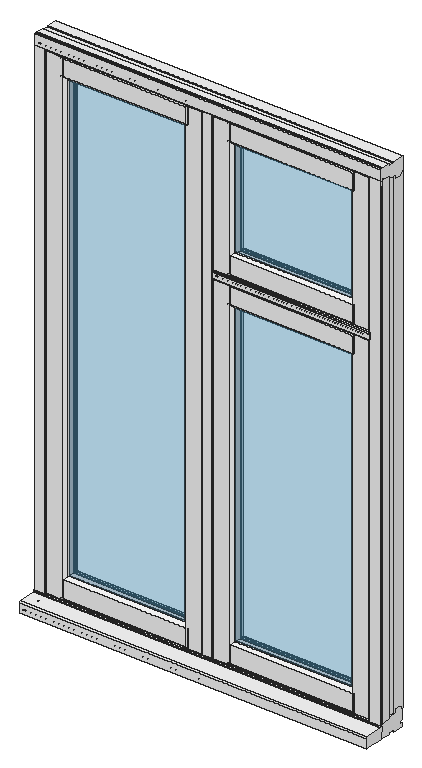
Revit family "C21R", category Generic Models, Revit 2012
Parameters (values of type "Window Sill drawing")
  Width = 1200 mm
  Height = 1770 mm
  GlazingPanelMaterial = Glass
  Floor Material = White
Types (3, lengths in mm): name | Width | Height | GlazingPanelMaterial | Floor Material
  Window Sill drawing | 1200 | 1770 | Glass | White
  Access Manager | 1250 | 1250 | none | none
  window family | 1200 | 1770 | Glass | 1.12A ANCHOR FIXING
Reference planes
  plane 1 "Center (Front/Back)": y = 0
  plane 2: z = 0
  plane 3 "Center (Left/Right)": x = 0
  plane 4: x = -750
  plane 5: y = 67
  plane 6: y = -67
  plane 7: z = 1770
  plane 8: y = 16.985
  plane 9: x = 414
  plane 10: x = 450
  plane 11: x = 418
  plane 12: x = -750
  plane 13: x = -150
  plane 14: x = -714
  plane 15: x = -702
Forms (mm)
  Extrusion 1, solid, not visible
    sketch origin (0, 0, 9.375) x (0, 1, 0) y (0, 0, 1)
      loop
        line (94.662, 311.911) -> (94.314, 312.868) -> (95.314, 312.868) -> (93.454, 317.977) -> (86.115, 317.977) -> (85.011, 317.575) -> (64.143, 317.575) -> (64.143, 311.911) -> (94.662, 311.911)
    from 0 to 250
  Extrusion 2, solid, not visible
    sketch origin (0, 0, 9.375) x (0, 1, 0) y (0, 0, 1)
      loop
        line (93.688, 317.334) -> (85.92, 317.334) -> (87.101, 312.926) -> (95.293, 312.926) -> (93.688, 317.334)
      loop
        line (91.853, 322.376) -> (91.853, 328.194)
        arc (91.853, 328.194) -> (91.424, 329.231) -> (90.388, 329.66) r 1.465
        line (90.388, 329.66) -> (71.853, 329.66) -> (71.853, 322.376) -> (91.853, 322.376)
      loop
        line (73.373, 320.598) -> (64.143, 320.598) -> (64.143, 317.575) -> (73.373, 317.575) -> (73.373, 320.598)
      loop
        line (61.169, 311.884) -> (61.169, 316.884) -> (56.169, 316.884)
        arc (56.169, 316.884) -> (53.926, 317.813) -> (52.996, 320.057) r 3.173
        line (52.996, 320.057) -> (52.996, 327.594)
        arc (52.996, 327.594) -> (53.247, 329.284) -> (54.656, 330.25) r 2.138
        line (54.656, 330.25) -> (56.493, 330.25)
        arc (56.493, 330.25) -> (57.939, 329.727) -> (58.925, 328.548) r 2.95
        line (58.925, 328.548) -> (59.306, 324.922) -> (61.24, 324.922) -> (60.612, 330.901)
        arc (60.612, 330.901) -> (59.723, 332.646) -> (57.894, 333.348) r 2.733
        line (57.894, 333.348) -> (52.423, 333.348)
        arc (52.423, 333.348) -> (50.164, 330.795) -> (49.999, 327.391) r 5.139
        line (49.999, 327.391) -> (47.957, 316.884)
        arc (47.957, 316.884) -> (49.179, 314.507) -> (49.698, 311.884) r 9.583
        line (49.698, 311.884) -> (61.169, 311.884)
    from 0 to 250
  Extrusion 3, solid, not visible
    sketch origin (-848.022, -244.537, 0) x (1, 0, 0) y (0, 1, 0)
      loop
        line (-156.504, 643.402) -> (-146.504, 653.402) -> (-146.504, 655.402) -> (-162.504, 655.402) -> (-162.504, 703.402) -> (-199.504, 703.402)
        arc (-199.504, 703.402) -> (-201.625, 702.524) -> (-202.504, 700.402) r 3
        line (-202.504, 700.402) -> (-202.504, 695.402) -> (-196.504, 695.402) -> (-196.504, 692.402) -> (-202.504, 692.402) -> (-202.504, 679.402) -> (-196.504, 679.402) -> (-196.504, 667.402) -> (-202.504, 667.402) -> (-202.504, 646.402)
        arc (-202.504, 646.402) -> (-201.625, 644.281) -> (-199.504, 643.402) r 3
        line (-199.504, 643.402) -> (-156.504, 643.402)
    from 672 to 1294
  Extrusion 4, solid, not visible
    sketch origin (-848.022, -244.537, 0) x (1, 0, 0) y (0, 1, 0)
      loop
        line (-162.504, 700.402) -> (-162.504, 681.402) -> (-150.504, 681.402) -> (-150.504, 684.402) -> (-146.504, 685.402) -> (-146.504, 689.402) -> (-149.504, 689.402)
        arc (-149.504, 689.402) -> (-151.847, 695.059) -> (-157.504, 697.402) r 8
        line (-157.504, 697.402) -> (-157.504, 700.402) -> (-162.504, 700.402)
    from 672 to 1294
  Extrusion 5, solid, not visible
    sketch origin (-511.418, -643.152, -230) x (1, 0, 0) y (0, 1, 0)
      loop
        line (-200.504, 641.902) -> (-200.504, 638.902) -> (-198.254, 638.902) -> (-198.254, 634.902) -> (-195.818, 634.902) -> (-195.818, 638.902) -> (-193.504, 638.902) -> (-193.504, 641.902) -> (-195.282, 641.902) -> (-195.282, 641.116) -> (-194.482, 641.116) -> (-194.482, 639.814) -> (-199.81, 639.814) -> (-199.81, 641.116) -> (-199.01, 641.116) -> (-199.01, 641.902) -> (-200.504, 641.902)
    from 230 to 852
  Extrusion 6, solid, not visible
    sketch origin (-511.418, -643.152, -140) x (1, 0, 0) y (0, 1, 0)
      loop
        line (-194.482, 639.814) -> (-194.482, 641.116) -> (-199.81, 641.116) -> (-199.81, 639.814) -> (-194.482, 639.814)
    from 140 to 762
  Extrusion 7, solid, not visible
    sketch origin (-511.418, -643.152, 0) x (1, 0, 0) y (0, 1, 0)
      loop
        spline (-199.847, 645.779) -> (-199.478, 645.505) -> (-199.241, 645.183) -> (-199.108, 644.823) -> (-199.048, 644.431) -> (-199.033, 644.016) -> (-199.035, 643.585) -> (-199.023, 643.147) -> (-198.97, 642.709) -> (-198.847, 642.279) -> (-198.624, 641.865) -> (-198.272, 641.475) -> (-197.764, 641.116)
        line (-197.764, 641.116) -> (-196.529, 641.116)
        spline (-196.529, 641.116) -> (-195.991, 641.457) -> (-195.612, 641.839) -> (-195.363, 642.251) -> (-195.215, 642.684) -> (-195.139, 643.129) -> (-195.106, 643.577) -> (-195.086, 644.017) -> (-195.05, 644.441) -> (-194.969, 644.838) -> (-194.814, 645.2) -> (-194.556, 645.517) -> (-194.166, 645.779)
        line (-194.166, 645.779) -> (-199.847, 645.779)
    from 0 to 622
  Extrusion 8, solid, material "White" <- "Floor Material"
    sketch origin (-300, -3440.583, -3.128) x (0, 1, 0) y (0, 0, -1)
      loop
        arc (3451.083, -1725.128) -> (3453.205, -1724.249) -> (3454.083, -1722.128) r 3
        line (3454.083, -1722.128) -> (3454.083, -1681.128) -> (3406.083, -1681.128) -> (3406.083, -1665.128) -> (3404.083, -1665.128) -> (3394.083, -1675.128) -> (3394.083, -1730.128)
        arc (3394.083, -1730.128) -> (3394.962, -1732.249) -> (3397.083, -1733.128) r 3
        line (3397.083, -1733.128) -> (3399.083, -1733.128)
        arc (3399.083, -1733.128) -> (3401.205, -1732.249) -> (3402.083, -1730.128) r 3
        line (3402.083, -1730.128) -> (3402.083, -1725.128) -> (3413.083, -1725.128)
        arc (3413.083, -1725.128) -> (3414.498, -1724.542) -> (3415.083, -1723.128) r 2
        line (3415.083, -1723.128) -> (3433.083, -1723.128)
        arc (3433.083, -1723.128) -> (3433.669, -1724.542) -> (3435.083, -1725.128) r 2
        line (3435.083, -1725.128) -> (3451.083, -1725.128)
    from -657.987 to -219.773
  Sweep 9, solid, material "White" <- "Floor Material"
    path origin (-316.12, -8, -4.107) x (-1, 0, 0) y (0, 0, -1)
      loop
        line (-674, -1682) -> (-236, -1682) -> (-236, -1312.227) -> (-674, -1312.227) -> (-674, -1682)
    profile origin (138.88, -8, 1677.893) x (0, 0, -1) y (0, -1, 0)
      loop
        line (4.893, -19) -> (4.893, -16)
        arc (4.893, -16) -> (10.55, -13.657) -> (12.893, -8) r 8
        line (12.893, -8) -> (15.893, -8) -> (15.893, -4) -> (11.893, -3) -> (11.893, 0) -> (-0.107, 0) -> (-0.107, -19) -> (4.893, -19)
  Extrusion 10, solid, material "Glass"
    sketch origin (-2688.494, -1584.07, 0) x (-1, 0, 0) y (0, -1, 0)
      loop
        line (-3042.481, -1575.085) -> (-2620.267, -1575.085) -> (-2620.267, -1571.085) -> (-3042.481, -1571.085) -> (-3042.481, -1575.085)
      loop
        line (-3042.481, -1555.085) -> (-2620.267, -1555.085) -> (-2620.267, -1551.085) -> (-3042.481, -1551.085) -> (-3042.481, -1555.085)
    from 1316.369 to 1672
  Sweep 11, solid
    path origin (-316.013, -20.977, -4) x (-1, 0, 0) y (0, 0, -1)
      loop
        line (-670, -1678) -> (-239.786, -1678) -> (-239.786, -1316.013) -> (-670, -1316.013) -> (-670, -1678)
    profile origin (138.88, -20.977, 1674) x (0, 0, -1) y (0, -1, 0)
      loop
        line (0, -8) -> (10, -8) -> (10, 8) -> (0, 8) -> (0, -8)
  Extrusion 12, solid, material "White" <- "Floor Material"
    sketch origin (-300, -3500.599, -3.128) x (0, 1, 0) y (0, 0, -1)
      loop
        line (3457.583, -41.128) -> (3457.583, -26.128) -> (3452.583, -26.128) -> (3452.583, -3.128) -> (3403.583, -3.128) -> (3403.583, -5.128)
        arc (3403.583, -5.128) -> (3400.583, -8.128) -> (3397.583, -5.128) r 3
        line (3397.583, -5.128) -> (3397.583, -3.128) -> (3392.583, -3.128) -> (3392.583, -34.128)
        arc (3392.583, -34.128) -> (3393.335, -36.114) -> (3395.213, -37.105) r 3
        line (3395.213, -37.105) -> (3452.583, -41.128) -> (3457.583, -41.128)
    from -750 to 450
  Extrusion 13, solid, material "White" <- "Floor Material"
    sketch origin (-300, -3500.599, -3.128) x (0, 1, 0) y (0, 0, -1)
      loop
        line (3546.583, -58.128) -> (3546.583, -23.128) -> (3536.583, -23.128) -> (3536.583, -13.128) -> (3546.583, -13.128) -> (3546.583, -3.128) -> (3509.583, -3.128) -> (3509.583, -8.128) -> (3489.583, -8.128) -> (3489.583, -3.128) -> (3463.583, -3.128) -> (3463.583, -5.128)
        arc (3463.583, -5.128) -> (3460.583, -8.128) -> (3457.583, -5.128) r 3
        line (3457.583, -5.128) -> (3457.583, -3.128) -> (3452.583, -3.128) -> (3452.583, -26.128) -> (3457.583, -26.128) -> (3457.583, -41.128) -> (3452.583, -41.128) -> (3452.583, -44.128)
        arc (3452.583, -44.128) -> (3453.169, -45.542) -> (3454.583, -46.128) r 2
        line (3454.583, -46.128) -> (3494.583, -51.128) -> (3494.583, -56.128) -> (3517.583, -59.128) -> (3517.583, -60.128) -> (3523.583, -60.128) -> (3523.583, -63.128) -> (3517.583, -63.128) -> (3517.583, -71.128) -> (3533.583, -71.128) -> (3533.583, -68.128)
        arc (3533.583, -68.128) -> (3540.655, -65.199) -> (3543.583, -58.128) r 10
        line (3543.583, -58.128) -> (3546.583, -58.128)
    from -750 to 450
  Sweep 14, solid, material "White" <- "Floor Material"
    path origin (-300, 0, 0) x (-1, 0, 0) y (0, 0, -1)
      loop
        line (-750, -1770) -> (450, -1770)
    profile origin (-150, 0, 1770) x (0, 0, -1) y (0, -1, 0)
      loop
        line (0, -10) -> (0, -47) -> (43, -47) -> (43, -44)
        arc (43, -44) -> (50.071, -41.071) -> (53, -34) r 10
        line (53, -34) -> (56, -34) -> (56, -18) -> (36, -18) -> (36, -14) -> (44, -14) -> (44, -4) -> (36, -4) -> (36, -1) -> (44, -1) -> (44, 7) -> (36, 7) -> (36, 31.727)
        arc (36, 31.727) -> (34.922, 33.441) -> (33, 34.079) r 3
        line (33, 34.079) -> (33, 41)
        arc (33, 41) -> (34.834, 41.499) -> (36, 43) r 3
        line (36, 43) -> (36, 47) -> (0, 47) -> (0, 42) -> (2, 42)
        arc (2, 42) -> (5, 39) -> (2, 36) r 3
        line (2, 36) -> (0, 36) -> (0, 10) -> (5, 10) -> (5, -10) -> (0, -10)
  Extrusion 15, solid, material "White" <- "Floor Material"
    sketch origin (-1053.141, -3440.699, 1654.007) x (0, 1, 0) y (-1, 0, 0)
      loop
        arc (3451.083, -1455.128) -> (3453.205, -1454.249) -> (3454.083, -1452.128) r 3
        line (3454.083, -1452.128) -> (3454.083, -1411.128) -> (3406.083, -1411.128) -> (3406.083, -1395.128) -> (3404.083, -1395.128) -> (3394.083, -1405.128) -> (3394.083, -1460.128)
        arc (3394.083, -1460.128) -> (3394.962, -1462.249) -> (3397.083, -1463.128) r 3
        line (3397.083, -1463.128) -> (3399.083, -1463.128)
        arc (3399.083, -1463.128) -> (3401.205, -1462.249) -> (3402.083, -1460.128) r 3
        line (3402.083, -1460.128) -> (3402.083, -1455.128) -> (3413.083, -1455.128)
        arc (3413.083, -1455.128) -> (3414.498, -1454.542) -> (3415.083, -1453.128) r 2
        line (3415.083, -1453.128) -> (3433.083, -1453.128)
        arc (3433.083, -1453.128) -> (3433.669, -1454.542) -> (3435.083, -1455.128) r 2
        line (3435.083, -1455.128) -> (3451.083, -1455.128)
    from -398.197 to 75.993
  Extrusion 16, solid, material "White" <- "Floor Material"
    sketch origin (1330.9, -3440.699, 1654.007) x (0, 1, 0) y (-1, 0, 0)
      loop
        line (3451.083, 1455.128) -> (3435.083, 1455.128)
        arc (3435.083, 1455.128) -> (3433.669, 1454.542) -> (3433.083, 1453.128) r 2
        line (3433.083, 1453.128) -> (3415.083, 1453.128)
        arc (3415.083, 1453.128) -> (3414.498, 1454.542) -> (3413.083, 1455.128) r 2
        line (3413.083, 1455.128) -> (3402.083, 1455.128) -> (3402.083, 1460.128)
        arc (3402.083, 1460.128) -> (3401.205, 1462.249) -> (3399.083, 1463.128) r 3
        line (3399.083, 1463.128) -> (3397.083, 1463.128)
        arc (3397.083, 1463.128) -> (3394.962, 1462.249) -> (3394.083, 1460.128) r 3
        line (3394.083, 1460.128) -> (3394.083, 1405.128) -> (3404.083, 1395.128) -> (3406.083, 1395.128) -> (3406.083, 1411.128) -> (3454.083, 1411.128) -> (3454.083, 1452.128)
        arc (3454.083, 1452.128) -> (3453.205, 1454.249) -> (3451.083, 1455.128) r 3
    from -398.197 to 75.993
  Extrusion 17, solid, material "White" <- "Floor Material"
    sketch origin (-300, -3440.583, 2722.931) x (0, 1, 0) y (0, 0, -1)
      loop
        line (3451.083, 1455.128) -> (3435.083, 1455.128)
        arc (3435.083, 1455.128) -> (3433.669, 1454.542) -> (3433.083, 1453.128) r 2
        line (3433.083, 1453.128) -> (3415.083, 1453.128)
        arc (3415.083, 1453.128) -> (3414.498, 1454.542) -> (3413.083, 1455.128) r 2
        line (3413.083, 1455.128) -> (3402.083, 1455.128) -> (3402.083, 1464.121)
        arc (3402.083, 1464.121) -> (3401.205, 1466.243) -> (3399.083, 1467.121) r 3
        line (3399.083, 1467.121) -> (3397.083, 1467.121)
        arc (3397.083, 1467.121) -> (3394.962, 1466.243) -> (3394.083, 1464.121) r 3
        line (3394.083, 1464.121) -> (3394.083, 1405.128) -> (3404.083, 1395.128) -> (3406.083, 1395.128) -> (3406.083, 1411.128) -> (3454.083, 1411.128) -> (3454.083, 1452.128)
        arc (3454.083, 1452.128) -> (3453.205, 1454.249) -> (3451.083, 1455.128) r 3
    from -657.987 to -219.773
  Extrusion 18, solid, material "White" <- "Floor Material"
    sketch origin (1285.9, -3440.699, 1654.007) x (0, 1, 0) y (-1, 0, 0)
      loop
        arc (3397.083, 1422.128) -> (3398.498, 1422.714) -> (3399.083, 1424.128) r 2
        line (3399.083, 1424.128) -> (3399.083, 1425.128) -> (3406.083, 1425.128) -> (3406.083, 1424.128)
        arc (3406.083, 1424.128) -> (3406.669, 1422.714) -> (3408.083, 1422.128) r 2
        line (3408.083, 1422.128) -> (3433.083, 1422.128) -> (3433.083, 1416.128) -> (3441.083, 1416.128) -> (3441.083, 1422.128) -> (3444.083, 1422.128) -> (3444.083, 1414.128) -> (3454.083, 1414.128) -> (3454.083, 1422.128) -> (3458.083, 1422.128) -> (3458.083, 1402.128) -> (3474.083, 1402.128) -> (3474.083, 1405.128)
        arc (3474.083, 1405.128) -> (3481.155, 1408.057) -> (3484.083, 1415.128) r 10
        line (3484.083, 1415.128) -> (3487.083, 1415.128) -> (3487.083, 1457.128) -> (3484.083, 1457.128)
        arc (3484.083, 1457.128) -> (3481.155, 1464.199) -> (3474.083, 1467.128) r 10
        line (3474.083, 1467.128) -> (3474.083, 1470.128) -> (3458.083, 1470.128) -> (3458.083, 1450.128) -> (3454.083, 1450.128) -> (3454.083, 1458.128) -> (3444.083, 1458.128) -> (3444.083, 1450.128) -> (3441.083, 1450.128) -> (3441.083, 1456.128) -> (3433.083, 1456.128) -> (3433.083, 1450.128) -> (3408.083, 1450.128)
        arc (3408.083, 1450.128) -> (3406.669, 1449.542) -> (3406.083, 1448.128) r 2
        line (3406.083, 1448.128) -> (3406.083, 1447.128) -> (3399.083, 1447.128) -> (3399.083, 1448.128)
        arc (3399.083, 1448.128) -> (3398.498, 1449.542) -> (3397.083, 1450.128) r 2
        line (3397.083, 1450.128) -> (3393.083, 1450.128) -> (3393.083, 1422.128) -> (3397.083, 1422.128)
    from -1606.007 to 79.993
  Extrusion 19, solid, material "White" <- "Floor Material"
    sketch origin (0, -3440.583, -3.128) x (0, 1, 0) y (0, 0, 1)
      loop
        line (3451.083, 1725.128) -> (3435.083, 1725.128)
        arc (3435.083, 1725.128) -> (3433.669, 1724.542) -> (3433.083, 1723.128) r 2
        line (3433.083, 1723.128) -> (3415.083, 1723.128)
        arc (3415.083, 1723.128) -> (3414.498, 1724.542) -> (3413.083, 1725.128) r 2
        line (3413.083, 1725.128) -> (3402.083, 1725.128) -> (3402.083, 1730.128)
        arc (3402.083, 1730.128) -> (3401.205, 1732.249) -> (3399.083, 1733.128) r 3
        line (3399.083, 1733.128) -> (3397.083, 1733.128)
        arc (3397.083, 1733.128) -> (3394.962, 1732.249) -> (3394.083, 1730.128) r 3
        line (3394.083, 1730.128) -> (3394.083, 1675.128) -> (3404.083, 1665.128) -> (3406.083, 1665.128) -> (3406.083, 1681.128) -> (3454.083, 1681.128) -> (3454.083, 1722.128)
        arc (3454.083, 1722.128) -> (3453.205, 1724.249) -> (3451.083, 1725.128) r 3
    from -657.987 to -219.773
  Sweep 20, solid, material "White" <- "Floor Material"
    path origin (16.12, -8, -4.107) x (1, 0, 0) y (0, 0, 1)
      loop
        line (-674, 1682) -> (-674, 108.158) -> (-236, 108.158) -> (-236, 1682) -> (-674, 1682)
    profile origin (-438.88, -8, 1677.893) x (0, 0, 1) y (0, -1, 0)
      loop
        line (-4.893, -19) -> (0.107, -19) -> (0.107, 0) -> (-11.893, 0) -> (-11.893, -3) -> (-15.893, -4) -> (-15.893, -8) -> (-12.893, -8)
        arc (-12.893, -8) -> (-10.55, -13.657) -> (-4.893, -16) r 8
        line (-4.893, -16) -> (-4.893, -19)
  Extrusion 21, solid, material "White" <- "Floor Material"
    sketch origin (753.141, -3440.699, 1654.007) x (0, 1, 0) y (-1, 0, 0)
      loop
        line (3451.083, 1455.128) -> (3435.083, 1455.128)
        arc (3435.083, 1455.128) -> (3433.669, 1454.542) -> (3433.083, 1453.128) r 2
        line (3433.083, 1453.128) -> (3415.083, 1453.128)
        arc (3415.083, 1453.128) -> (3414.498, 1454.542) -> (3413.083, 1455.128) r 2
        line (3413.083, 1455.128) -> (3402.083, 1455.128) -> (3402.083, 1460.128)
        arc (3402.083, 1460.128) -> (3401.205, 1462.249) -> (3399.083, 1463.128) r 3
        line (3399.083, 1463.128) -> (3397.083, 1463.128)
        arc (3397.083, 1463.128) -> (3394.962, 1462.249) -> (3394.083, 1460.128) r 3
        line (3394.083, 1460.128) -> (3394.083, 1405.128) -> (3404.083, 1395.128) -> (3406.083, 1395.128) -> (3406.083, 1411.128) -> (3454.083, 1411.128) -> (3454.083, 1452.128)
        arc (3454.083, 1452.128) -> (3453.205, 1454.249) -> (3451.083, 1455.128) r 3
    from -1606.007 to 75.993
  Extrusion 22, solid, material "White" <- "Floor Material"
    sketch origin (-1630.9, -3440.699, 1654.007) x (0, 1, 0) y (-1, 0, 0)
      loop
        arc (3451.083, -1455.128) -> (3453.205, -1454.249) -> (3454.083, -1452.128) r 3
        line (3454.083, -1452.128) -> (3454.083, -1411.128) -> (3406.083, -1411.128) -> (3406.083, -1395.128) -> (3404.083, -1395.128) -> (3394.083, -1405.128) -> (3394.083, -1460.128)
        arc (3394.083, -1460.128) -> (3394.962, -1462.249) -> (3397.083, -1463.128) r 3
        line (3397.083, -1463.128) -> (3399.083, -1463.128)
        arc (3399.083, -1463.128) -> (3401.205, -1462.249) -> (3402.083, -1460.128) r 3
        line (3402.083, -1460.128) -> (3402.083, -1455.128) -> (3413.083, -1455.128)
        arc (3413.083, -1455.128) -> (3414.498, -1454.542) -> (3415.083, -1453.128) r 2
        line (3415.083, -1453.128) -> (3433.083, -1453.128)
        arc (3433.083, -1453.128) -> (3433.669, -1454.542) -> (3435.083, -1455.128) r 2
        line (3435.083, -1455.128) -> (3451.083, -1455.128)
    from -1606.007 to 75.993
  Extrusion 23, solid, material "White" <- "Floor Material"
    sketch origin (0, -3440.583, 1515.078) x (0, 1, 0) y (0, 0, 1)
      loop
        arc (3451.083, -1455.128) -> (3453.205, -1454.249) -> (3454.083, -1452.128) r 3
        line (3454.083, -1452.128) -> (3454.083, -1411.128) -> (3406.083, -1411.128) -> (3406.083, -1395.128) -> (3404.083, -1395.128) -> (3394.083, -1405.128) -> (3394.083, -1464.078)
        arc (3394.083, -1464.078) -> (3394.962, -1466.2) -> (3397.083, -1467.078) r 3
        line (3397.083, -1467.078) -> (3399.083, -1467.078)
        arc (3399.083, -1467.078) -> (3401.205, -1466.2) -> (3402.083, -1464.078) r 3
        line (3402.083, -1464.078) -> (3402.083, -1455.128) -> (3413.083, -1455.128)
        arc (3413.083, -1455.128) -> (3414.498, -1454.542) -> (3415.083, -1453.128) r 2
        line (3415.083, -1453.128) -> (3433.083, -1453.128)
        arc (3433.083, -1453.128) -> (3433.669, -1454.542) -> (3435.083, -1455.128) r 2
        line (3435.083, -1455.128) -> (3451.083, -1455.128)
    from -657.987 to -219.773
  Extrusion 24, solid, material "White" <- "Floor Material"
    sketch origin (-300, -3440.583, 1515.128) x (0, 1, 0) y (0, 0, -1)
      loop
        line (3451.083, 1455.128) -> (3435.083, 1455.128)
        arc (3435.083, 1455.128) -> (3433.669, 1454.542) -> (3433.083, 1453.128) r 2
        line (3433.083, 1453.128) -> (3415.083, 1453.128)
        arc (3415.083, 1453.128) -> (3414.498, 1454.542) -> (3413.083, 1455.128) r 2
        line (3413.083, 1455.128) -> (3402.083, 1455.128) -> (3402.083, 1464.128)
        arc (3402.083, 1464.128) -> (3401.205, 1466.249) -> (3399.083, 1467.128) r 3
        line (3399.083, 1467.128) -> (3397.083, 1467.128)
        arc (3397.083, 1467.128) -> (3394.962, 1466.249) -> (3394.083, 1464.128) r 3
        line (3394.083, 1464.128) -> (3394.083, 1405.128) -> (3404.083, 1395.128) -> (3406.083, 1395.128) -> (3406.083, 1411.128) -> (3454.083, 1411.128) -> (3454.083, 1452.128)
        arc (3454.083, 1452.128) -> (3453.205, 1454.249) -> (3451.083, 1455.128) r 3
    from -657.987 to -219.773
  Extrusion 25, solid, material "White" <- "Floor Material"
    sketch origin (1829.889, -3440.699, -194.324) x (0, 1, 0) y (0, 0, 1)
      loop
        arc (3397.083, 1421.91) -> (3398.498, 1422.496) -> (3399.083, 1423.91) r 2
        line (3399.083, 1423.91) -> (3399.083, 1424.91) -> (3406.083, 1424.91) -> (3406.083, 1423.91)
        arc (3406.083, 1423.91) -> (3406.669, 1422.496) -> (3408.083, 1421.91) r 2
        line (3408.083, 1421.91) -> (3433.083, 1421.91) -> (3433.083, 1415.91) -> (3441.083, 1415.91) -> (3441.083, 1421.91) -> (3444.083, 1421.91) -> (3444.083, 1413.91) -> (3454.083, 1413.91) -> (3454.083, 1422.128) -> (3458.083, 1422.128) -> (3458.083, 1402.128) -> (3474.083, 1402.128) -> (3474.083, 1405.128)
        arc (3474.083, 1405.128) -> (3481.155, 1408.057) -> (3484.083, 1415.128) r 10
        line (3484.083, 1415.128) -> (3487.083, 1415.128) -> (3487.083, 1457.128) -> (3484.083, 1457.128)
        arc (3484.083, 1457.128) -> (3481.155, 1464.199) -> (3474.083, 1467.128) r 10
        line (3474.083, 1467.128) -> (3474.083, 1470.128) -> (3458.083, 1470.128) -> (3458.083, 1462.128) -> (3464.083, 1462.128) -> (3464.083, 1459.128) -> (3458.083, 1459.128) -> (3458.083, 1458.128) -> (3435.083, 1455.128) -> (3435.083, 1450.128) -> (3395.083, 1444.91)
        arc (3395.083, 1444.91) -> (3393.669, 1444.325) -> (3393.083, 1442.91) r 2
        line (3393.083, 1442.91) -> (3393.083, 1441.91) -> (3393.083, 1421.91) -> (3397.083, 1421.91)
    from -1966.122 to -1415.889
  Extrusion 26, solid, material "White" <- "Floor Material"
    sketch origin (-300, -3440.583, -239.324) x (0, 1, 0) y (0, 0, -1)
      loop
        arc (3451.083, -1455.128) -> (3453.205, -1454.249) -> (3454.083, -1452.128) r 3
        line (3454.083, -1452.128) -> (3454.083, -1411.128) -> (3406.083, -1411.128) -> (3406.083, -1395.128) -> (3404.083, -1395.128) -> (3394.083, -1405.128) -> (3394.083, -1460.128)
        arc (3394.083, -1460.128) -> (3394.962, -1462.249) -> (3397.083, -1463.128) r 3
        line (3397.083, -1463.128) -> (3399.083, -1463.128)
        arc (3399.083, -1463.128) -> (3401.205, -1462.249) -> (3402.083, -1460.128) r 3
        line (3402.083, -1460.128) -> (3402.083, -1455.128) -> (3413.083, -1455.128)
        arc (3413.083, -1455.128) -> (3414.498, -1454.542) -> (3415.083, -1453.128) r 2
        line (3415.083, -1453.128) -> (3433.083, -1453.128)
        arc (3433.083, -1453.128) -> (3433.669, -1454.542) -> (3435.083, -1455.128) r 2
        line (3435.083, -1455.128) -> (3451.083, -1455.128)
    from -657.987 to -219.773
  Sweep 27, solid, material "White" <- "Floor Material"
    path origin (-316.12, -8, -514.094) x (-1, 0, 0) y (0, 0, -1)
      loop
        line (-674, -1685.809) -> (-236, -1685.809) -> (-236, -618.194) -> (-674, -618.194) -> (-674, -1685.809)
    profile origin (138.88, -8, 1171.715) x (0, 0, -1) y (0, -1, 0)
      loop
        line (4.893, -19) -> (4.893, -16)
        arc (4.893, -16) -> (10.55, -13.657) -> (12.893, -8) r 8
        line (12.893, -8) -> (15.893, -8) -> (15.893, -4) -> (11.893, -3) -> (11.893, 0) -> (-0.107, 0) -> (-0.107, -19) -> (4.893, -19)
  Extrusion 28, solid, material "White" <- "Floor Material"
    sketch origin (-1053.141, -3440.699, 1144.02) x (0, 1, 0) y (-1, 0, 0)
      loop
        arc (3451.083, -1455.128) -> (3453.205, -1454.249) -> (3454.083, -1452.128) r 3
        line (3454.083, -1452.128) -> (3454.083, -1411.128) -> (3406.083, -1411.128) -> (3406.083, -1395.128) -> (3404.083, -1395.128) -> (3394.083, -1405.128) -> (3394.083, -1460.128)
        arc (3394.083, -1460.128) -> (3394.962, -1462.249) -> (3397.083, -1463.128) r 3
        line (3397.083, -1463.128) -> (3399.083, -1463.128)
        arc (3399.083, -1463.128) -> (3401.205, -1462.249) -> (3402.083, -1460.128) r 3
        line (3402.083, -1460.128) -> (3402.083, -1455.128) -> (3413.083, -1455.128)
        arc (3413.083, -1455.128) -> (3414.498, -1454.542) -> (3415.083, -1453.128) r 2
        line (3415.083, -1453.128) -> (3433.083, -1453.128)
        arc (3433.083, -1453.128) -> (3433.669, -1454.542) -> (3435.083, -1455.128) r 2
        line (3435.083, -1455.128) -> (3451.083, -1455.128)
    from -1096.02 to 79.784
  Extrusion 29, solid, material "White" <- "Floor Material"
    sketch origin (1330.9, -3440.699, 1144.02) x (0, 1, 0) y (-1, 0, 0)
      loop
        line (3451.083, 1455.128) -> (3435.083, 1455.128)
        arc (3435.083, 1455.128) -> (3433.669, 1454.542) -> (3433.083, 1453.128) r 2
        line (3433.083, 1453.128) -> (3415.083, 1453.128)
        arc (3415.083, 1453.128) -> (3414.498, 1454.542) -> (3413.083, 1455.128) r 2
        line (3413.083, 1455.128) -> (3402.083, 1455.128) -> (3402.083, 1460.128)
        arc (3402.083, 1460.128) -> (3401.205, 1462.249) -> (3399.083, 1463.128) r 3
        line (3399.083, 1463.128) -> (3397.083, 1463.128)
        arc (3397.083, 1463.128) -> (3394.962, 1462.249) -> (3394.083, 1460.128) r 3
        line (3394.083, 1460.128) -> (3394.083, 1405.128) -> (3404.083, 1395.128) -> (3406.083, 1395.128) -> (3406.083, 1411.128) -> (3454.083, 1411.128) -> (3454.083, 1452.128)
        arc (3454.083, 1452.128) -> (3453.205, 1454.249) -> (3451.083, 1455.128) r 3
    from -1096.02 to 79.784
  Extrusion 30, solid, material "Glass"
    sketch origin (-2688.494, -1584.07, -509.987) x (-1, 0, 0) y (0, -1, 0)
      loop
        line (-3042.481, -1575.085) -> (-2620.267, -1575.085) -> (-2620.267, -1571.085) -> (-3042.481, -1571.085) -> (-3042.481, -1575.085)
      loop
        line (-3042.481, -1555.085) -> (-2620.267, -1555.085) -> (-2620.267, -1551.085) -> (-3042.481, -1551.085) -> (-3042.481, -1555.085)
    from 617.987 to 1675.79
  Sweep 31, solid
    path origin (-316.013, -20.977, -513.987) x (-1, 0, 0) y (0, 0, -1)
      loop
        line (-670, -1681.658) -> (-239.786, -1681.658) -> (-239.786, -621.987) -> (-670, -621.987) -> (-670, -1681.658)
    profile origin (138.88, -20.977, 1167.671) x (0, 0, -1) y (0, -1, 0)
      loop
        line (0, -8) -> (10, -8) -> (10, 8) -> (0, 8) -> (0, -8)
  Sweep 32, solid, material "White" <- "Floor Material"
    path origin (-893.813, -8, -514.094) x (-1, 0, 0) y (0, 0, -1)
      loop
        line (-674, -2191.994) -> (-236, -2191.994) -> (-236, -618.194) -> (-674, -618.194) -> (-674, -2191.994)
    profile origin (-438.813, -8, 1677.9) x (0, 0, -1) y (0, -1, 0)
      loop
        line (4.893, -19) -> (4.893, -16)
        arc (4.893, -16) -> (10.55, -13.657) -> (12.893, -8) r 8
        line (12.893, -8) -> (15.893, -8) -> (15.893, -4) -> (11.893, -3) -> (11.893, 0) -> (-0.107, 0) -> (-0.107, -19) -> (4.893, -19)
  Extrusion 33, solid, material "Glass"
    sketch origin (-3266.187, -1584.07, -509.987) x (-1, 0, 0) y (0, -1, 0)
      loop
        line (-3042.481, -1575.085) -> (-2612.267, -1575.085) -> (-2612.267, -1571.085) -> (-3042.481, -1571.085) -> (-3042.481, -1575.085)
      loop
        line (-3042.481, -1555.085) -> (-2612.267, -1555.085) -> (-2612.267, -1551.085) -> (-3042.481, -1551.085) -> (-3042.481, -1555.085)
    from 617.987 to 2181.987
  Sweep 34, solid
    path origin (-893.706, -20.977, -513.987) x (-1, 0, 0) y (0, 0, -1)
      loop
        line (-670, -2187.987) -> (-239.786, -2187.987) -> (-239.786, -621.987) -> (-670, -621.987) -> (-670, -2187.987)
    profile origin (-438.813, -20.977, 1674) x (0, 0, -1) y (0, -1, 0)
      loop
        line (0, -8) -> (10, -8) -> (10, 8) -> (0, 8) -> (0, -8)
  Sweep 35, solid, material "White" <- "Floor Material"
    path origin (-1320, 0, 984) x (0, 0, -1) y (1, 0, 0)
      loop
        line (-750, 1770) -> (984, 1770)
    profile origin (450, 0, 867) x (0, -1, 0) y (1, 0, 0)
      loop
        line (-10, 0) -> (-47, 0) -> (-47, -43) -> (-44, -43)
        arc (-44, -43) -> (-41.071, -50.071) -> (-34, -53) r 10
        line (-34, -53) -> (-34, -56) -> (-18, -56) -> (-18, -36) -> (-14, -36) -> (-14, -44) -> (-4, -44) -> (-4, -36) -> (-1, -36) -> (-1, -44) -> (7, -44) -> (7, -36) -> (31.727, -36)
        arc (31.727, -36) -> (33.441, -34.922) -> (34.079, -33) r 3
        line (34.079, -33) -> (41, -33)
        arc (41, -33) -> (41.499, -34.834) -> (43, -36) r 3
        line (43, -36) -> (47, -36) -> (47, 0) -> (42, 0) -> (42, -2)
        arc (42, -2) -> (39, -5) -> (36, -2) r 3
        line (36, -2) -> (36, 0) -> (10, 0) -> (10, -5) -> (-10, -5) -> (-10, 0)
  Sweep 36, solid, material "White" <- "Floor Material"
    path origin (1020, 0, 984) x (0, 0, -1) y (1, 0, 0)
      loop
        line (-750, -1770) -> (984, -1770)
    profile origin (-750, 0, 867) x (0, -1, 0) y (1, 0, 0)
      loop
        line (-10, 0) -> (-10, 5) -> (10, 5) -> (10, 0) -> (36, 0) -> (36, 2)
        arc (36, 2) -> (39, 5) -> (42, 2) r 3
        line (42, 2) -> (42, 0) -> (47, 0) -> (47, 36) -> (43, 36)
        arc (43, 36) -> (41.499, 34.834) -> (41, 33) r 3
        line (41, 33) -> (34.079, 33)
        arc (34.079, 33) -> (33.441, 34.922) -> (31.727, 36) r 3
        line (31.727, 36) -> (7, 36) -> (7, 44) -> (-1, 44) -> (-1, 36) -> (-4, 36) -> (-4, 44) -> (-14, 44) -> (-14, 36) -> (-18, 36) -> (-18, 56) -> (-34, 56) -> (-34, 53)
        arc (-34, 53) -> (-41.071, 50.071) -> (-44, 43) r 10
        line (-44, 43) -> (-47, 43) -> (-47, 0) -> (-10, 0)
  Sweep 37, void
    path origin (0, 0, 0) x (1, 0, 0) y (0, 1, 0)
      loop
        line (-750, -1.015) -> (450, -1.015)
    profile origin (-150, -1.015, 0) x (0, 1, 0) y (0, 0, 1)
      loop
        line (47, 56.22) -> (43.925, 56.22)
        arc (43.925, 56.22) -> (40.626, 62.49) -> (34, 65) r 10
        line (34, 65) -> (34, 69.22) -> (18, 69.22) -> (18, 61.22) -> (24, 61.22) -> (24, 58.22) -> (18, 58.22) -> (18, 57.22) -> (-5, 54.22) -> (-5, 49.22) -> (-45, 44.22)
        arc (-45, 44.22) -> (-46.414, 43.634) -> (-47, 42.22) r 2
        line (-47, 42.22) -> (-47, 40.439) -> (-79.364, 36.417) -> (-104.37, 33.416) -> (-129.37, 30.416)
        arc (-129.37, 30.416) -> (-131.248, 29.425) -> (-132, 27.439) r 3
        line (-132, 27.439) -> (-132, -2.561) -> (58, -2.561) -> (58, 56.22) -> (47, 56.22)
Cuts and joins
  Sweep 37 cuts Extrusion 18
  Sweep 37 cuts Extrusion 21
  Sweep 37 cuts Extrusion 22
  Sweep 37 cuts Extrusion 28
  Sweep 37 cuts Extrusion 29
  Sweep 37 cuts Sweep 35
  Sweep 37 cuts Sweep 36
Dimensions and locks
  "Width": plane 10 to plane 12
  equal spacing: plane 10, plane 13, plane 12
  aligned and locked: level to plane 2
Automatic sketch dimensions
  plane 6 to Extrusion 8 sketch curve = 20.5 mm
  Extrusion 8 sketch curve to Extrusion 8 sketch curve = 2 mm  (x4)
  Extrusion 8 sketch curve to Extrusion 8 sketch curve = 3 mm  (x3)
  Extrusion 8 sketch curve to Extrusion 8 sketch curve = 10 mm  (x2)
  Extrusion 8 sketch curve to Extrusion 8 sketch curve = 11 mm
  plane 1 "Center (Front/Back)" to Extrusion 8 sketch curve = 7.5 mm
  Extrusion 8 sketch curve to plane 8 = 6.485 mm
  Extrusion 8 sketch curve to Extrusion 8 sketch curve = 41 mm
  Extrusion 8 sketch curve to Extrusion 8 sketch curve = 6 mm
  Sweep 9 sketch curve to plane 9 = 56.12 mm
  plane 13 to Sweep 9 sketch curve = 69.88 mm
  Sweep 9 sketch curve to profile plane = 0 mm
  profile plane to Sweep 9 sketch curve = 0.107 mm
  Sweep 9 sketch curve to profile plane = 4.893 mm
  Sweep 9 sketch curve to profile plane = 3 mm
  Sweep 9 sketch curve to Sweep 9 sketch curve = 7 mm
  Sweep 9 sketch curve to Sweep 9 sketch curve = 1 mm
  Sweep 9 sketch curve to profile plane = 4 mm
  Sweep 9 sketch curve to Sweep 9 sketch curve = 4 mm
  Sweep 9 sketch curve to profile plane = 8 mm
  Sweep 9 sketch curve to Sweep 9 sketch curve = 3 mm
  plane 1 "Center (Front/Back)" to Extrusion 10 sketch curve = 8.984 mm
  Extrusion 10 sketch curve to plane 9 = 60.013 mm
  Extrusion 10 sketch curve to Extrusion 10 sketch curve = 0 mm  (x2)
  plane 1 "Center (Front/Back)" to Extrusion 10 sketch curve = 28.984 mm
  plane 13 to Extrusion 10 sketch curve = 81.773 mm
  Extrusion 10 sketch curve to Extrusion 10 sketch curve = 4 mm  (x2)
  Sweep 11 sketch curve to plane 9 = 60.013 mm
  plane 13 to Sweep 11 sketch curve = 73.773 mm
  Sweep 11 sketch curve to profile plane = 0 mm
  Sweep 11 sketch curve to profile plane = 10 mm
  Sweep 11 sketch curve to profile plane = 8 mm
  profile plane to Sweep 11 sketch curve = 8 mm
  Extrusion 12 sketch curve to level = 0 mm  (x2)
  Extrusion 12 sketch curve to plane 6 = 41.015 mm
  Extrusion 12 sketch curve to Extrusion 12 sketch curve = 2.63 mm
  Extrusion 12 sketch curve to Extrusion 12 sketch curve = 5 mm  (x2)
  level to Extrusion 12 sketch curve = 2 mm
  Extrusion 12 sketch curve to Extrusion 12 sketch curve = 3 mm  (x2)
  plane 6 to Extrusion 12 sketch curve = 18.985 mm
  Extrusion 12 sketch curve to Extrusion 12 sketch curve = 0 mm
  Extrusion 13 sketch curve to level = 0 mm  (x3)
  Extrusion 13 sketch curve to plane 8 = 0 mm  (x2)
  Extrusion 13 sketch curve to plane 8 = 8 mm
  plane 1 "Center (Front/Back)" to Extrusion 13 sketch curve = 6.015 mm
  level to Extrusion 13 sketch curve = 5 mm
  plane 1 "Center (Front/Back)" to Extrusion 13 sketch curve = 11.015 mm
  Extrusion 13 sketch curve to Extrusion 13 sketch curve = 26 mm
  Extrusion 13 sketch curve to Extrusion 13 sketch curve = 3 mm  (x6)
  Extrusion 13 sketch curve to Extrusion 13 sketch curve = 0 mm
  Extrusion 13 sketch curve to Extrusion 13 sketch curve = 5 mm  (x2)
  Extrusion 13 sketch curve to Extrusion 13 sketch curve = 2 mm
  Extrusion 13 sketch curve to Extrusion 13 sketch curve = 6 mm
  Extrusion 13 sketch curve to Extrusion 13 sketch curve = 10 mm  (x5)
  plane 8 to Extrusion 13 sketch curve = 19 mm
  Extrusion 13 sketch curve to Extrusion 13 sketch curve = 1 mm
  level to Extrusion 13 sketch curve = 10 mm
  level to Extrusion 13 sketch curve = 2 mm
  Sweep 14 sketch curve to plane 7 = 0 mm
  Sweep 14 sketch curve to plane 10 = 0 mm
  plane 12 to Sweep 14 sketch curve = 0 mm
  Sweep 14 sketch curve to profile plane = 0 mm  (x3)
  Sweep 14 sketch curve to profile plane = 2 mm
  Sweep 14 sketch curve to profile plane = 5 mm
  Sweep 14 sketch curve to Sweep 14 sketch curve = 31 mm  (x2)
  Sweep 14 sketch curve to Sweep 14 sketch curve = 0.071 mm
  Sweep 14 sketch curve to Sweep 14 sketch curve = 0.17 mm
  Sweep 14 sketch curve to profile plane = 4 mm
  Sweep 14 sketch curve to Sweep 14 sketch curve = 0 mm  (x3)
  Sweep 14 sketch curve to Sweep 14 sketch curve = 2.83 mm
  Sweep 14 sketch curve to Sweep 14 sketch curve = 7 mm
  Sweep 14 sketch curve to Sweep 14 sketch curve = 8 mm
  Sweep 14 sketch curve to profile plane = 1 mm
  Sweep 14 sketch curve to Sweep 14 sketch curve = 10 mm  (x2)
  Sweep 14 sketch curve to Sweep 14 sketch curve = 12 mm
  Sweep 14 sketch curve to profile plane = 10 mm
  Sweep 14 sketch curve to Sweep 14 sketch curve = 4 mm
  Sweep 14 sketch curve to Sweep 14 sketch curve = 16 mm
  Sweep 14 sketch curve to Sweep 14 sketch curve = 3 mm  (x2)
  profile plane to Sweep 14 sketch curve = 7 mm
  profile plane to Sweep 14 sketch curve = 10 mm
  Sweep 14 sketch curve to Sweep 14 sketch curve = 24.08 mm
  Sweep 14 sketch curve to Sweep 14 sketch curve = 0.647 mm
  Sweep 14 sketch curve to Sweep 14 sketch curve = 26 mm
  Sweep 14 sketch curve to Sweep 14 sketch curve = 6.921 mm
  Sweep 14 sketch curve to Sweep 14 sketch curve = 2 mm
  Sweep 14 sketch curve to Sweep 14 sketch curve = 5 mm
  Extrusion 15 sketch curve to plane 9 = 7.013 mm
  plane 6 to Extrusion 15 sketch curve = 20.384 mm
  Extrusion 15 sketch curve to plane 9 = 4.013 mm
  Extrusion 15 sketch curve to Extrusion 15 sketch curve = 2 mm  (x4)
  Extrusion 15 sketch curve to Extrusion 15 sketch curve = 3 mm  (x2)
  Extrusion 15 sketch curve to Extrusion 15 sketch curve = 10 mm  (x2)
  Extrusion 15 sketch curve to Extrusion 15 sketch curve = 11 mm
  plane 1 "Center (Front/Back)" to Extrusion 15 sketch curve = 7.616 mm
  Extrusion 15 sketch curve to plane 8 = 6.601 mm
  Extrusion 15 sketch curve to plane 9 = 12.013 mm
  Extrusion 15 sketch curve to Extrusion 15 sketch curve = 41 mm
  Extrusion 15 sketch curve to Extrusion 15 sketch curve = 6 mm
  plane 6 to Extrusion 16 sketch curve = 20.384 mm
  Extrusion 16 sketch curve to Extrusion 16 sketch curve = 3 mm  (x3)
  Extrusion 16 sketch curve to Extrusion 16 sketch curve = 2 mm  (x4)
  Extrusion 16 sketch curve to Extrusion 16 sketch curve = 10 mm  (x2)
  Extrusion 16 sketch curve to Extrusion 16 sketch curve = 11 mm
  plane 1 "Center (Front/Back)" to Extrusion 16 sketch curve = 7.616 mm
  Extrusion 16 sketch curve to plane 8 = 6.601 mm
  plane 13 to Extrusion 16 sketch curve = 85.773 mm
  Extrusion 16 sketch curve to Extrusion 16 sketch curve = 16 mm
  plane 13 to Extrusion 16 sketch curve = 28.773 mm
  Extrusion 16 sketch curve to Extrusion 16 sketch curve = 5 mm
  plane 6 to Extrusion 17 sketch curve = 20.5 mm
  Extrusion 17 sketch curve to Extrusion 17 sketch curve = 2 mm  (x4)
  Extrusion 17 sketch curve to Extrusion 17 sketch curve = 3 mm  (x3)
  Extrusion 17 sketch curve to Extrusion 17 sketch curve = 10 mm  (x2)
  Extrusion 17 sketch curve to Extrusion 17 sketch curve = 11 mm
  plane 1 "Center (Front/Back)" to Extrusion 17 sketch curve = 7.5 mm
  Extrusion 17 sketch curve to plane 8 = 6.485 mm
  Extrusion 17 sketch curve to Extrusion 17 sketch curve = 42 mm
  Extrusion 17 sketch curve to Extrusion 17 sketch curve = 6 mm
  plane 6 to Extrusion 18 sketch curve = 19.384 mm
  Extrusion 18 sketch curve to Extrusion 18 sketch curve = 4 mm  (x2)
  Extrusion 18 sketch curve to Extrusion 18 sketch curve = 2 mm  (x5)
  Extrusion 18 sketch curve to Extrusion 18 sketch curve = 7 mm  (x2)
  plane 1 "Center (Front/Back)" to Extrusion 18 sketch curve = 7.616 mm  (x2)
  Extrusion 18 sketch curve to plane 1 "Center (Front/Back)" = 0.384 mm  (x2)
  Extrusion 18 sketch curve to Extrusion 18 sketch curve = 3 mm  (x3)
  Extrusion 18 sketch curve to plane 1 "Center (Front/Back)" = 3.384 mm
  Extrusion 18 sketch curve to plane 8 = 3.601 mm  (x2)
  plane 8 to Extrusion 18 sketch curve = 0.399 mm  (x2)
  plane 8 to Extrusion 18 sketch curve = 16.399 mm
  Extrusion 18 sketch curve to Extrusion 18 sketch curve = 16 mm
  Extrusion 18 sketch curve to Extrusion 18 sketch curve = 10 mm  (x2)
  plane 13 to Extrusion 18 sketch curve = 33.773 mm
  Extrusion 18 sketch curve to Extrusion 18 sketch curve = 12 mm  (x2)
  plane 13 to Extrusion 18 sketch curve = 13.773 mm
  Extrusion 18 sketch curve to Extrusion 18 sketch curve = 6 mm  (x3)
  Extrusion 18 sketch curve to Extrusion 18 sketch curve = 8 mm  (x2)
  Extrusion 18 sketch curve to Extrusion 18 sketch curve = 1 mm  (x3)
  Extrusion 18 sketch curve to plane 13 = 11.227 mm
  Extrusion 18 sketch curve to plane 13 = 14.227 mm
  Extrusion 18 sketch curve to Extrusion 18 sketch curve = 0 mm
  Extrusion 18 sketch curve to plane 13 = 21.227 mm
  plane 6 to Extrusion 19 sketch curve = 20.5 mm
  Extrusion 19 sketch curve to Extrusion 19 sketch curve = 2 mm  (x4)
  Extrusion 19 sketch curve to Extrusion 19 sketch curve = 3 mm  (x3)
  Extrusion 19 sketch curve to Extrusion 19 sketch curve = 10 mm  (x2)
  Extrusion 19 sketch curve to Extrusion 19 sketch curve = 11 mm
  plane 1 "Center (Front/Back)" to Extrusion 19 sketch curve = 7.5 mm
  Extrusion 19 sketch curve to plane 8 = 6.485 mm
  Extrusion 19 sketch curve to Extrusion 19 sketch curve = 42 mm
  Extrusion 19 sketch curve to Extrusion 19 sketch curve = 6 mm
  Sweep 20 sketch curve to plane 15 = 44.12 mm
  Sweep 20 sketch curve to plane 13 = 69.88 mm
  Sweep 20 sketch curve to profile plane = 0 mm
  Sweep 20 sketch curve to profile plane = 8 mm
  profile plane to Sweep 20 sketch curve = 15.893 mm
  Sweep 20 sketch curve to Sweep 20 sketch curve = 3 mm  (x3)
  Sweep 20 sketch curve to Sweep 20 sketch curve = 4 mm
  profile plane to Sweep 20 sketch curve = 4.893 mm
  Sweep 20 sketch curve to profile plane = 0.107 mm
  Sweep 20 sketch curve to profile plane = 4 mm
  plane 15 to Extrusion 21 sketch curve = 4.987 mm
  plane 6 to Extrusion 21 sketch curve = 20.384 mm
  Extrusion 21 sketch curve to plane 14 = 4.013 mm
  Extrusion 21 sketch curve to Extrusion 21 sketch curve = 2 mm  (x4)
  Extrusion 21 sketch curve to Extrusion 21 sketch curve = 3 mm
  Extrusion 21 sketch curve to Extrusion 21 sketch curve = 10 mm  (x2)
  Extrusion 21 sketch curve to plane 15 = 2.013 mm
  Extrusion 21 sketch curve to Extrusion 21 sketch curve = 11 mm
  plane 1 "Center (Front/Back)" to Extrusion 21 sketch curve = 7.616 mm
  Extrusion 21 sketch curve to plane 15 = 3.013 mm
  Extrusion 21 sketch curve to plane 8 = 6.601 mm
  Extrusion 21 sketch curve to Extrusion 21 sketch curve = 42 mm
  Extrusion 21 sketch curve to Extrusion 21 sketch curve = 6 mm
  plane 6 to Extrusion 22 sketch curve = 20.384 mm
  Extrusion 22 sketch curve to Extrusion 22 sketch curve = 3 mm  (x3)
  Extrusion 22 sketch curve to Extrusion 22 sketch curve = 2 mm  (x4)
  Extrusion 22 sketch curve to Extrusion 22 sketch curve = 10 mm  (x2)
  Extrusion 22 sketch curve to Extrusion 22 sketch curve = 11 mm
  plane 1 "Center (Front/Back)" to Extrusion 22 sketch curve = 7.616 mm
  Extrusion 22 sketch curve to plane 8 = 6.601 mm
  Extrusion 22 sketch curve to plane 13 = 17.773 mm
  Extrusion 22 sketch curve to plane 13 = 25.773 mm
  Extrusion 22 sketch curve to Extrusion 22 sketch curve = 41 mm
  Extrusion 22 sketch curve to Extrusion 22 sketch curve = 6 mm
  plane 6 to Extrusion 23 sketch curve = 20.5 mm
  Extrusion 23 sketch curve to Extrusion 23 sketch curve = 3 mm  (x3)
  Extrusion 23 sketch curve to Extrusion 23 sketch curve = 2 mm  (x4)
  Extrusion 23 sketch curve to Extrusion 23 sketch curve = 10 mm  (x2)
  Extrusion 23 sketch curve to Extrusion 23 sketch curve = 11 mm
  plane 1 "Center (Front/Back)" to Extrusion 23 sketch curve = 7.5 mm
  Extrusion 23 sketch curve to plane 8 = 6.485 mm
  plane 6 to Extrusion 24 sketch curve = 20.5 mm
  Extrusion 24 sketch curve to Extrusion 24 sketch curve = 3 mm  (x3)
  Extrusion 24 sketch curve to Extrusion 24 sketch curve = 2 mm  (x4)
  Extrusion 24 sketch curve to Extrusion 24 sketch curve = 10 mm  (x2)
  Extrusion 24 sketch curve to Extrusion 24 sketch curve = 11 mm
  plane 1 "Center (Front/Back)" to Extrusion 24 sketch curve = 7.5 mm
  Extrusion 24 sketch curve to plane 8 = 6.485 mm
  plane 6 to Extrusion 25 sketch curve = 19.384 mm
  Extrusion 25 sketch curve to Extrusion 25 sketch curve = 2 mm  (x3)
  Extrusion 25 sketch curve to Extrusion 25 sketch curve = 4 mm
  Extrusion 25 sketch curve to Extrusion 25 sketch curve = 7 mm  (x2)
  plane 1 "Center (Front/Back)" to Extrusion 25 sketch curve = 7.616 mm
  plane 1 "Center (Front/Back)" to Extrusion 25 sketch curve = 5.616 mm
  Extrusion 25 sketch curve to plane 1 "Center (Front/Back)" = 0.384 mm
  Extrusion 25 sketch curve to Extrusion 25 sketch curve = 3 mm  (x3)
  Extrusion 25 sketch curve to plane 8 = 3.601 mm
  plane 8 to Extrusion 25 sketch curve = 0.399 mm  (x3)
  Extrusion 25 sketch curve to Extrusion 25 sketch curve = 6 mm  (x2)
  Extrusion 25 sketch curve to Extrusion 25 sketch curve = 10 mm  (x3)
  Extrusion 25 sketch curve to Extrusion 25 sketch curve = 16 mm
  Extrusion 25 sketch curve to Extrusion 25 sketch curve = 1 mm  (x5)
  Extrusion 25 sketch curve to Extrusion 25 sketch curve = 17 mm
  Extrusion 25 sketch curve to Extrusion 25 sketch curve = 0.217 mm  (x2)
  Extrusion 25 sketch curve to Extrusion 25 sketch curve = 8.217 mm
  Extrusion 25 sketch curve to Extrusion 25 sketch curve = 11.783 mm
  Extrusion 25 sketch curve to Extrusion 25 sketch curve = 8 mm
  plane 6 to Extrusion 26 sketch curve = 20.5 mm
  Extrusion 26 sketch curve to Extrusion 26 sketch curve = 3 mm  (x3)
  Extrusion 26 sketch curve to Extrusion 26 sketch curve = 2 mm  (x4)
  Extrusion 26 sketch curve to Extrusion 26 sketch curve = 10 mm  (x2)
  Extrusion 26 sketch curve to Extrusion 26 sketch curve = 11 mm
  plane 1 "Center (Front/Back)" to Extrusion 26 sketch curve = 7.5 mm
  Extrusion 26 sketch curve to plane 8 = 6.485 mm
  Extrusion 26 sketch curve to Extrusion 26 sketch curve = 5 mm
  Extrusion 26 sketch curve to Extrusion 26 sketch curve = 41 mm
  Extrusion 26 sketch curve to Extrusion 26 sketch curve = 6 mm
  Sweep 27 sketch curve to plane 9 = 56.12 mm
  plane 13 to Sweep 27 sketch curve = 69.88 mm
  Sweep 27 sketch curve to profile plane = 0 mm
  profile plane to Sweep 27 sketch curve = 0.107 mm
  Sweep 27 sketch curve to profile plane = 4.893 mm
  Sweep 27 sketch curve to profile plane = 3 mm
  Sweep 27 sketch curve to Sweep 27 sketch curve = 7 mm
  Sweep 27 sketch curve to Sweep 27 sketch curve = 1 mm
  Sweep 27 sketch curve to profile plane = 4 mm
  Sweep 27 sketch curve to Sweep 27 sketch curve = 4 mm
  Sweep 27 sketch curve to profile plane = 8 mm
  Sweep 27 sketch curve to Sweep 27 sketch curve = 3 mm
  Extrusion 28 sketch curve to plane 9 = 7.013 mm
  plane 6 to Extrusion 28 sketch curve = 20.384 mm
  Extrusion 28 sketch curve to plane 9 = 4.013 mm
  Extrusion 28 sketch curve to Extrusion 28 sketch curve = 2 mm  (x4)
  Extrusion 28 sketch curve to Extrusion 28 sketch curve = 3 mm  (x2)
  Extrusion 28 sketch curve to Extrusion 28 sketch curve = 10 mm  (x2)
  Extrusion 28 sketch curve to Extrusion 28 sketch curve = 11 mm
  plane 1 "Center (Front/Back)" to Extrusion 28 sketch curve = 7.616 mm
  Extrusion 28 sketch curve to plane 8 = 6.601 mm
  Extrusion 28 sketch curve to plane 9 = 12.013 mm
  Extrusion 28 sketch curve to Extrusion 28 sketch curve = 41 mm
  Extrusion 28 sketch curve to Extrusion 28 sketch curve = 6 mm
  plane 6 to Extrusion 29 sketch curve = 20.384 mm
  Extrusion 29 sketch curve to Extrusion 29 sketch curve = 3 mm  (x3)
  Extrusion 29 sketch curve to Extrusion 29 sketch curve = 2 mm  (x4)
  Extrusion 29 sketch curve to Extrusion 29 sketch curve = 10 mm  (x2)
  Extrusion 29 sketch curve to Extrusion 29 sketch curve = 11 mm
  plane 1 "Center (Front/Back)" to Extrusion 29 sketch curve = 7.616 mm
  Extrusion 29 sketch curve to plane 8 = 6.601 mm
  plane 13 to Extrusion 29 sketch curve = 85.773 mm
  Extrusion 29 sketch curve to Extrusion 29 sketch curve = 16 mm
  plane 13 to Extrusion 29 sketch curve = 28.773 mm
  Extrusion 29 sketch curve to Extrusion 29 sketch curve = 5 mm
  plane 1 "Center (Front/Back)" to Extrusion 30 sketch curve = 8.984 mm
  Extrusion 30 sketch curve to plane 9 = 60.013 mm
  Extrusion 30 sketch curve to Extrusion 30 sketch curve = 0 mm  (x2)
  plane 1 "Center (Front/Back)" to Extrusion 30 sketch curve = 28.984 mm
  plane 13 to Extrusion 30 sketch curve = 81.773 mm
  Extrusion 30 sketch curve to Extrusion 30 sketch curve = 4 mm  (x2)
  Sweep 31 sketch curve to plane 9 = 60.013 mm
  plane 13 to Sweep 31 sketch curve = 73.773 mm
  Sweep 31 sketch curve to profile plane = 0 mm
  Sweep 31 sketch curve to Sweep 31 sketch curve = 10 mm
  Sweep 31 sketch curve to profile plane = 8 mm
  profile plane to Sweep 31 sketch curve = 8 mm
  Sweep 32 sketch curve to plane 13 = 69.813 mm
  Sweep 32 sketch curve to plane 15 = 44.187 mm
  Sweep 32 sketch curve to profile plane = 0 mm
  profile plane to Sweep 32 sketch curve = 0.107 mm
  Sweep 32 sketch curve to profile plane = 4.893 mm
  Sweep 32 sketch curve to profile plane = 3 mm
  Sweep 32 sketch curve to Sweep 32 sketch curve = 7 mm
  Sweep 32 sketch curve to Sweep 32 sketch curve = 1 mm
  Sweep 32 sketch curve to profile plane = 4 mm
  Sweep 32 sketch curve to Sweep 32 sketch curve = 4 mm
  Sweep 32 sketch curve to profile plane = 8 mm
  Sweep 32 sketch curve to Sweep 32 sketch curve = 3 mm
  plane 1 "Center (Front/Back)" to Extrusion 33 sketch curve = 8.984 mm
  Extrusion 33 sketch curve to plane 13 = 73.706 mm
  Extrusion 33 sketch curve to Extrusion 33 sketch curve = 0 mm  (x2)
  Extrusion 33 sketch curve to plane 15 = 48.08 mm
  Extrusion 33 sketch curve to Extrusion 33 sketch curve = 4 mm  (x2)
  Extrusion 33 sketch curve to Extrusion 33 sketch curve = 16 mm
  Sweep 34 sketch curve to plane 13 = 73.706 mm
  Sweep 34 sketch curve to plane 15 = 48.08 mm
  Sweep 34 sketch curve to profile plane = 0 mm
  Sweep 34 sketch curve to profile plane = 10 mm
  Sweep 34 sketch curve to profile plane = 8 mm
  profile plane to Sweep 34 sketch curve = 8 mm
  Sweep 35 sketch curve to level = 0 mm
  Sweep 35 sketch curve to plane 10 = 0 mm
  Sweep 35 sketch curve to profile plane = 0 mm  (x3)
  Sweep 35 sketch curve to profile plane = 47 mm
  Sweep 35 sketch curve to Sweep 35 sketch curve = 3 mm  (x3)
  Sweep 35 sketch curve to Sweep 35 sketch curve = 10 mm
  Sweep 35 sketch curve to Sweep 35 sketch curve = 16 mm
  Sweep 35 sketch curve to Sweep 35 sketch curve = 4 mm
  profile plane to Sweep 35 sketch curve = 5 mm
  Sweep 35 sketch curve to profile plane = 10 mm
  Sweep 35 sketch curve to profile plane = 4 mm
  Sweep 35 sketch curve to profile plane = 1 mm
  profile plane to Sweep 35 sketch curve = 7 mm
  profile plane to Sweep 35 sketch curve = 10 mm
  Sweep 35 sketch curve to Sweep 35 sketch curve = 24.08 mm
  Sweep 35 sketch curve to Sweep 35 sketch curve = 0.647 mm
  Sweep 35 sketch curve to Sweep 35 sketch curve = 2.999 mm
  Sweep 35 sketch curve to Sweep 35 sketch curve = 26 mm
  Sweep 35 sketch curve to Sweep 35 sketch curve = 6.921 mm
  Sweep 35 sketch curve to Sweep 35 sketch curve = 2 mm
  Sweep 35 sketch curve to Sweep 35 sketch curve = 2.995 mm
  Sweep 35 sketch curve to Sweep 35 sketch curve = 5 mm
  profile plane to Sweep 35 sketch curve = 33 mm
  Sweep 35 sketch curve to Sweep 35 sketch curve = 0.071 mm
  Sweep 35 sketch curve to Sweep 35 sketch curve = 0.17 mm
  Sweep 35 sketch curve to Sweep 35 sketch curve = 0 mm  (x3)
  Sweep 35 sketch curve to Sweep 35 sketch curve = 7 mm
  Sweep 35 sketch curve to Sweep 35 sketch curve = 8 mm
  profile plane to Sweep 35 sketch curve = 2 mm
  Sweep 36 sketch curve to level = 0 mm
  plane 12 to Sweep 36 sketch curve = 0 mm
  Sweep 36 sketch curve to profile plane = 0 mm  (x3)
  Sweep 36 sketch curve to profile plane = 47 mm
  Sweep 36 sketch curve to Sweep 36 sketch curve = 3 mm  (x2)
  Sweep 36 sketch curve to Sweep 36 sketch curve = 10 mm
  Sweep 36 sketch curve to Sweep 36 sketch curve = 16 mm
  Sweep 36 sketch curve to Sweep 36 sketch curve = 4 mm
  Sweep 36 sketch curve to profile plane = 5 mm
  Sweep 36 sketch curve to profile plane = 10 mm
  Sweep 36 sketch curve to profile plane = 4 mm
  Sweep 36 sketch curve to profile plane = 1 mm
  profile plane to Sweep 36 sketch curve = 7 mm
  profile plane to Sweep 36 sketch curve = 10 mm
  Sweep 36 sketch curve to Sweep 36 sketch curve = 24.08 mm
  Sweep 36 sketch curve to Sweep 36 sketch curve = 0.647 mm
  Sweep 36 sketch curve to Sweep 36 sketch curve = 2.999 mm
  Sweep 36 sketch curve to Sweep 36 sketch curve = 26 mm
  Sweep 36 sketch curve to Sweep 36 sketch curve = 6.921 mm
  Sweep 36 sketch curve to Sweep 36 sketch curve = 2 mm
  Sweep 36 sketch curve to Sweep 36 sketch curve = 0.995 mm
  Sweep 36 sketch curve to Sweep 36 sketch curve = 5 mm
  Sweep 36 sketch curve to profile plane = 2 mm
  Sweep 36 sketch curve to Sweep 36 sketch curve = 31 mm
  Sweep 36 sketch curve to Sweep 36 sketch curve = 0.071 mm
  Sweep 36 sketch curve to Sweep 36 sketch curve = 0.17 mm
  Sweep 36 sketch curve to Sweep 36 sketch curve = 0 mm  (x3)
  Sweep 36 sketch curve to Sweep 36 sketch curve = 7 mm
  Sweep 36 sketch curve to Sweep 36 sketch curve = 8 mm
  Sweep 36 sketch curve to Sweep 36 sketch curve = 12 mm
  Extrusion 8 sketch curve to plane 7 = 40 mm
  Extrusion 8 sketch curve to Extrusion 8 sketch curve = 5 mm
  Sweep 9 sketch curve to plane 7 = 92.107 mm
  Sweep 9 sketch curve to Sweep 9 sketch curve = 369.773 mm
  Sweep 11 sketch curve to plane 7 = 96 mm
  Sweep 11 sketch curve to Sweep 11 sketch curve = 361.987 mm
  Extrusion 17 sketch curve to plane 7 = 442.197 mm
  Extrusion 17 sketch curve to Extrusion 17 sketch curve = 8.993 mm
  Extrusion 19 sketch curve to plane 7 = 108 mm
  Extrusion 19 sketch curve to Extrusion 19 sketch curve = 5 mm
  Sweep 20 sketch curve to plane 7 = 92.107 mm
  Extrusion 25 sketch curve to plane 7 = 562.197 mm
  Extrusion 25 sketch curve to Extrusion 25 sketch curve = 28.217 mm
  Extrusion 25 sketch curve to Extrusion 25 sketch curve = 5 mm
  Extrusion 25 sketch curve to Extrusion 25 sketch curve = 35 mm
  Extrusion 26 sketch curve to plane 7 = 546.197 mm
  Sweep 32 sketch curve to plane 7 = 92.1 mm
  Sweep 34 sketch curve to plane 7 = 96 mm
  Sweep 35 sketch curve to plane 7 = 36 mm
  Sweep 36 sketch curve to plane 7 = 36 mm
  Sweep 27 sketch curve to plane 7 = 598.285 mm
  Sweep 31 sketch curve to plane 7 = 602.329 mm
  Extrusion 23 sketch curve to Extrusion 23 sketch curve = 41 mm
  Extrusion 23 sketch curve to Extrusion 23 sketch curve = 6 mm
  Extrusion 24 sketch curve to Extrusion 24 sketch curve = 42 mm
  Extrusion 24 sketch curve to Extrusion 24 sketch curve = 6 mm
  Extrusion 13 sketch curve to Extrusion 13 sketch curve = 12 mm
  Extrusion 24 sketch curve to Extrusion 24 sketch curve = 9 mm
  level to Extrusion 12 sketch curve = 23 mm
  Extrusion 12 sketch curve to Extrusion 12 sketch curve = 29 mm
  Extrusion 12 sketch curve to Extrusion 12 sketch curve = 15 mm
  Extrusion 13 sketch curve to Extrusion 13 sketch curve = 21 mm
  Extrusion 13 sketch curve to Extrusion 13 sketch curve = 15 mm
  Extrusion 13 sketch curve to Extrusion 13 sketch curve = 35 mm
  level to Sweep 20 sketch curve = 104.051 mm
  level to Extrusion 23 sketch curve = 48 mm
  Extrusion 23 sketch curve to Extrusion 23 sketch curve = 8.951 mm
  level to Extrusion 24 sketch curve = 120 mm
  level to Sweep 27 sketch curve = 104.1 mm
  level to Sweep 31 sketch curve = 108 mm
  level to Sweep 32 sketch curve = 104.1 mm
  level to Sweep 34 sketch curve = 108 mm
  Sweep 37 sketch curve to plane 4 = 0 mm
  Sweep 37 sketch curve to plane 10 = 0 mm
  plane 1 "Center (Front/Back)" to Sweep 37 sketch curve = 1.015 mm
  Sweep 37 sketch curve to level = 2.561 mm
  profile plane to Sweep 37 sketch curve = 132 mm
  Sweep 37 sketch curve to Sweep 37 sketch curve = 2.63 mm
  Sweep 37 sketch curve to Sweep 37 sketch curve = 3 mm  (x2)
  level to Sweep 37 sketch curve = 33.416 mm
  Sweep 37 sketch curve to Sweep 37 sketch curve = 25 mm
  level to Sweep 37 sketch curve = 36.417 mm
  Sweep 37 sketch curve to Sweep 37 sketch curve = 25.006 mm
  Sweep 37 sketch curve to Sweep 37 sketch curve = 32.364 mm
  Sweep 37 sketch curve to Sweep 37 sketch curve = 2 mm
  profile plane to Sweep 37 sketch curve = 5 mm
  Sweep 37 sketch curve to profile plane = 18 mm
  Sweep 37 sketch curve to Sweep 37 sketch curve = 0 mm
  Sweep 37 sketch curve to Sweep 37 sketch curve = 6 mm
  Sweep 37 sketch curve to Sweep 37 sketch curve = 10 mm
  Sweep 37 sketch curve to Sweep 37 sketch curve = 9.925 mm
  Sweep 37 sketch curve to Sweep 37 sketch curve = 3.075 mm
  Sweep 37 sketch curve to Sweep 37 sketch curve = 11 mm
  level to Sweep 37 sketch curve = 27.439 mm
  Sweep 37 sketch curve to Sweep 37 sketch curve = 4.022 mm
  Sweep 37 sketch curve to Sweep 37 sketch curve = 1.78 mm
  Sweep 37 sketch curve to Sweep 37 sketch curve = 5 mm  (x2)
  Sweep 37 sketch curve to Sweep 37 sketch curve = 0.78 mm
  Sweep 37 sketch curve to Sweep 37 sketch curve = 1.22 mm
  Sweep 37 sketch curve to Sweep 37 sketch curve = 2.22 mm
  Sweep 37 sketch curve to Sweep 37 sketch curve = 1 mm
  Sweep 37 sketch curve to Sweep 37 sketch curve = 4.22 mm
